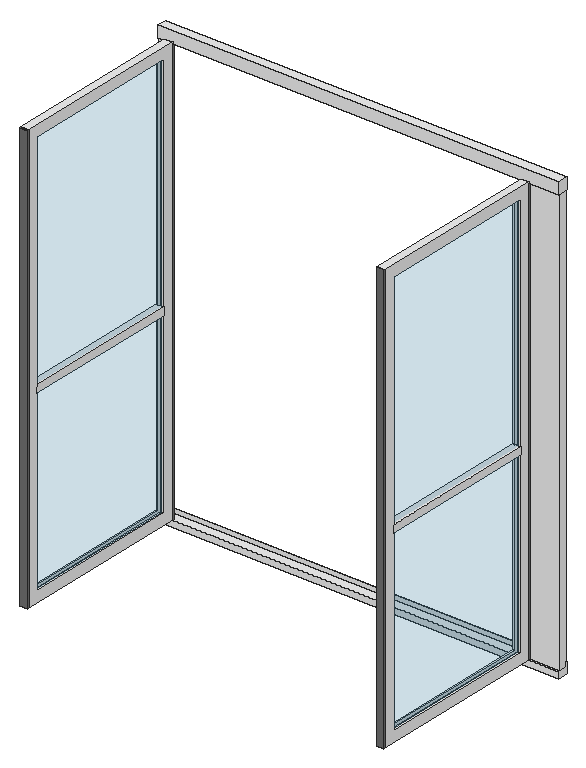
Revit family "Window-NanaWall-HSW-45", category Windows, host Wall, Revit 2013 (continued)
Definition of nested family "Header_VSW 35"
  Definition of nested family "Head_WD66"
    Lines and regions (in)
      model lines, style "0", in view "Ref. Level"
        curve 125: arc (0.3911, -3.24729, 0) -> (0.40506, -3.25307, 0) -> (0.41085, -3.26704, 0) r 0.01975
        curve 126: arc (0.29826, -3.24729, 0) -> (0.28429, -3.2415, 0) -> (0.27851, -3.22754, 0) r 0.01975
        curve 127: arc (0.40295, -2.30708, 0) -> (0.40526, -2.30149, 0) -> (0.41085, -2.29917, 0) r 0.0079
        curve 128: arc (0.36538, -2.40979, 0) -> (0.34565, -2.51613, 0) -> (0.31762, -2.62059, 0) r 1.37516
        curve 129: arc (0.26103, -2.603, 0) -> (0.21813, -2.66324, 0) -> (0.14787, -2.68632, 0) r 0.11851
        curve 130: arc (0.31237, -2.35723, 0) -> (0.29258, -2.48134, 0) -> (0.26103, -2.603, 0) r 1.3159
        curve 131: arc (0.31762, -2.62059, 0) -> (0.25327, -2.71096, 0) -> (0.14787, -2.74558, 0) r 0.17777
        curve 132: arc (0.45035, -3.18803, 0) -> (0.46432, -3.19382, 0) -> (0.47011, -3.20778, 0) r 0.01975
        curve 133: arc (0.63208, -3.07001, 0) -> (0.62033, -3.08807, 0) -> (0.59906, -3.08465, 0) r 0.01975
        curve 134: arc (0.53441, -3.04186, 0) -> (0.56836, -3.0608, 0) -> (0.59906, -3.08465, 0) r 0.25678
        curve 135: arc (0.59257, -2.40979, 0) -> (0.6205, -2.42136, 0) -> (0.63208, -2.44929, 0) r 0.0395
        curve 136: arc (0.61232, -2.29917, 0) -> (0.61791, -2.30149, 0) -> (0.62022, -2.30708, 0) r 0.0079
        curve 137: arc (0.57282, -2.25183, 0) -> (0.65413, -2.28785, 0) -> (0.6875, -2.37028, 0) r 0.11851
        curve 138: arc (0.52047, -3.10112, 0) -> (0.59628, -3.17374, 0) -> (0.62417, -3.27494, 0) r 0.19752
        curve 139: arc (0.64393, -3.39741, 0) -> (0.62996, -3.39162, 0) -> (0.62417, -3.37765, 0) r 0.01975
        curve 140: line (-0.23505, -3.33025, 0) -> (0.3911, -3.33025, 0)
        curve 141: line (-0.61639, -2.35053, 0) -> (-0.3832, -2.35053, 0)
        curve 142: line (-0.3832, -2.35053, 0) -> (-0.3832, -2.30708, 0)
        curve 143: line (-0.34563, -2.40979, 0) -> (-0.58874, -2.40979, 0)
        curve 144: line (-0.58874, -3.04186, 0) -> (-0.35357, -3.04186, 0)
        curve 145: line (-0.35357, -3.10112, 0) -> (-0.58084, -3.10112, 0)
        curve 146: line (-0.41041, -2.25177, 0) -> (-0.4306, -2.25177, 0)
        curve 147: line (-0.4306, -2.25177, 0) -> (-0.4306, -2.29917, 0)
        curve 148: line (-0.4306, -2.29917, 0) -> (-0.3911, -2.29917, 0)
        curve 149: line (-0.25481, -3.14063, 0) -> (-0.25481, -3.3105, 0)
        curve 150: line (-0.31406, -3.33815, 0) -> (-0.31406, -3.14063, 0)
        curve 151: line (0.62022, -2.30708, 0) -> (0.62022, -2.35053, 0)
        curve 152: line (0.62022, -2.35053, 0) -> (0.40295, -2.35053, 0)
        curve 153: line (0.40295, -2.35053, 0) -> (0.40295, -2.30708, 0)
        curve 154: line (0.59257, -2.40979, 0) -> (0.36538, -2.40979, 0)
        curve 155: line (0.14787, -2.68632, 0) -> (-0.12811, -2.68632, 0)
        curve 156: line (0.14787, -2.74558, 0) -> (-0.12811, -2.74558, 0)
        curve 157: line (0.41085, -3.3105, 0) -> (0.41085, -3.26704, 0)
        curve 158: line (0.27851, -3.22754, 0) -> (0.27851, -3.18803, 0)
        curve 159: line (0.27851, -3.18803, 0) -> (0.35949, -3.18803, 0)
        curve 160: line (0.35949, -3.18803, 0) -> (0.35949, -3.14063, 0)
        curve 161: line (0.3911, -3.24729, 0) -> (0.29826, -3.24729, 0)
        curve 162: line (0.41875, -3.14063, 0) -> (0.41875, -3.16828, 0)
        curve 163: line (-0.25481, -3.39741, 0) -> (-0.00198, -3.39741, 0)
        curve 164: line (-0.00198, -3.39741, 0) -> (0.00988, -3.38555, 0)
        curve 165: line (0.00988, -3.38555, 0) -> (0.02173, -3.39741, 0)
        curve 166: line (0.02173, -3.39741, 0) -> (0.41085, -3.39741, 0)
        curve 167: line (0.62417, -3.37765, 0) -> (0.62417, -3.27494, 0)
        curve 168: line (0.64393, -3.39741, 0) -> (0.6875, -3.39741, 0)
        curve 169: line (0.6875, -3.39741, 0) -> (0.6875, -2.37028, 0)
        curve 170: line (0.4385, -3.18803, 0) -> (0.45035, -3.18803, 0)
        curve 171: line (0.47011, -3.20778, 0) -> (0.47011, -3.33815, 0)
        curve 172: line (0.45825, -3.04186, 0) -> (0.53441, -3.04186, 0)
        curve 173: line (0.52047, -3.10112, 0) -> (0.45825, -3.10112, 0)
        curve 174: line (0.57282, -2.25183, 0) -> (0.57282, -2.29917, 0)
        curve 175: line (0.57282, -2.29917, 0) -> (0.61232, -2.29917, 0)
        curve 176: line (0.63208, -3.07001, 0) -> (0.63208, -2.44929, 0)
        curve 177: line (0.41085, -2.29917, 0) -> (0.45035, -2.29917, 0)
        curve 178: line (0.45035, -2.29917, 0) -> (0.45035, -2.25177, 0)
        curve 179: line (0.45035, -2.25177, 0) -> (0.43068, -2.25177, 0)
        curve 180: arc (-0.80195, -1.33328, 0) -> (-0.79038, -1.36122, 0) -> (-0.76244, -1.37279, 0) r 0.0395
        curve 181: arc (-0.68343, -0.31209, 0) -> (-0.76723, -0.3468, 0) -> (-0.80195, -0.4306, 0) r 0.11851
        curve 182: arc (-0.8138, -0.21333, 0) -> (-0.80801, -0.22729, 0) -> (-0.79404, -0.23308, 0) r 0.01975
        curve 183: arc (-0.80195, -1.74808, 0) -> (-0.79038, -1.77602, 0) -> (-0.76244, -1.78759, 0) r 0.0395
        curve 184: arc (-0.76244, -1.57031, 0) -> (-0.79038, -1.58188, 0) -> (-0.80195, -1.60982, 0) r 0.0395
        curve 185: arc (-0.88096, 0, 0) -> (-0.78893, -0.00593, 0) -> (-0.69691, 0, 0) r 0.71746
        curve 186: arc (-0.88096, -1.95548, 0) -> (-0.8612, -1.97524, 0) -> (-0.84145, -1.95548, 0) r 0.01975
        curve 187: arc (-0.80195, -1.8666, 0) -> (-0.82988, -1.87817, 0) -> (-0.84145, -1.9061, 0) r 0.0395
        curve 188: arc (0.81775, -0.4306, 0) -> (0.78304, -0.3468, 0) -> (0.69923, -0.31209, 0) r 0.11851
        curve 189: arc (-0.31209, -0.31209, 0) -> (-0.22829, -0.27738, 0) -> (-0.19357, -0.19357, 0) r 0.11851
        curve 190: arc (0.20938, -0.19357, 0) -> (0.24409, -0.27738, 0) -> (0.32789, -0.31209, 0) r 0.11851
        curve 191: arc (0.50257, -1.4202, 0) -> (0.38079, -1.37762, 0) -> (0.30419, -1.48143, 0) r 0.10864
        curve 192: arc (-0.28838, -1.48143, 0) -> (-0.36499, -1.37762, 0) -> (-0.48677, -1.4202, 0) r 0.10864
        curve 193: arc (-0.66368, -1.93573, 0) -> (-0.65211, -1.96367, 0) -> (-0.62417, -1.97524, 0) r 0.0395
        curve 194: arc (-0.66368, -1.88635, 0) -> (-0.66946, -1.87238, 0) -> (-0.68343, -1.8666, 0) r 0.01975
        curve 195: arc (-0.66847, -1.43722, 0) -> (-0.57362, -1.47141, 0) -> (-0.48677, -1.4202, 0) r 0.11851
        curve 196: arc (-0.38715, -1.97524, 0) -> (-0.31731, -1.94631, 0) -> (-0.28838, -1.87647, 0) r 0.09876
        curve 197: arc (-0.28838, -1.79746, 0) -> (-0.29417, -1.7835, 0) -> (-0.30814, -1.77771, 0) r 0.01975
        curve 198: arc (-0.30814, -1.58019, 0) -> (-0.29417, -1.5744, 0) -> (-0.28838, -1.56044, 0) r 0.01975
        curve 199: arc (0.30419, -1.87647, 0) -> (0.33311, -1.94631, 0) -> (0.40295, -1.97524, 0) r 0.09876
        curve 200: arc (0.32394, -1.77771, 0) -> (0.30997, -1.7835, 0) -> (0.30419, -1.79746, 0) r 0.01975
        curve 201: arc (0.41875, -1.97524, 0) -> (0.42713, -1.97176, 0) -> (0.4306, -1.96338, 0) r 0.01185
        curve 202: arc (0.4306, -1.93968, 0) -> (0.42713, -1.9313, 0) -> (0.41875, -1.92783, 0) r 0.01185
        curve 203: arc (0.30419, -1.56044, 0) -> (0.30997, -1.5744, 0) -> (0.32394, -1.58019, 0) r 0.01975
        curve 204: arc (0.77824, -1.37279, 0) -> (0.80618, -1.36122, 0) -> (0.81775, -1.33328, 0) r 0.0395
        curve 205: arc (0.81775, -1.60982, 0) -> (0.80618, -1.58188, 0) -> (0.77824, -1.57031, 0) r 0.0395
        curve 206: arc (0.77824, -1.78759, 0) -> (0.80618, -1.77602, 0) -> (0.81775, -1.74808, 0) r 0.0395
        curve 207: arc (0.8296, -1.9061, 0) -> (0.81803, -1.87817, 0) -> (0.79009, -1.8666, 0) r 0.0395
        curve 208: arc (0.63998, -1.97524, 0) -> (0.66791, -1.96367, 0) -> (0.67948, -1.93573, 0) r 0.0395
        curve 209: arc (0.56492, -1.92783, 0) -> (0.55654, -1.9313, 0) -> (0.55307, -1.93968, 0) r 0.01185
        curve 210: arc (0.55307, -1.96338, 0) -> (0.55654, -1.97176, 0) -> (0.56492, -1.97524, 0) r 0.01185
        curve 211: arc (0.71899, -1.8666, 0) -> (0.69105, -1.87817, 0) -> (0.67948, -1.9061, 0) r 0.0395
        curve 212: arc (0.50257, -1.4202, 0) -> (0.58942, -1.47141, 0) -> (0.68427, -1.43722, 0) r 0.11851
        curve 213: arc (-0.11456, -0.09481, 0) -> (-0.17043, -0.11795, 0) -> (-0.19357, -0.17382, 0) r 0.07901
        curve 214: arc (-0.69133, -0.05926, 0) -> (-0.68506, -0.05617, 0) -> (-0.6837, -0.04931, 0) r 0.0079
        curve 215: arc (-0.32789, -0.23308, 0) -> (-0.29996, -0.22151, 0) -> (-0.28838, -0.19357, 0) r 0.0395
        curve 216: arc (-0.38688, -0.04931, 0) -> (-0.38551, -0.05617, 0) -> (-0.37925, -0.05926, 0) r 0.0079
        curve 217: arc (0.20938, -0.17382, 0) -> (0.18623, -0.11795, 0) -> (0.13037, -0.09481, 0) r 0.07901
        curve 218: arc (0.30419, -0.19357, 0) -> (0.31576, -0.22151, 0) -> (0.34369, -0.23308, 0) r 0.0395
        curve 219: arc (0.39505, -0.05926, 0) -> (0.40132, -0.05617, 0) -> (0.40268, -0.04931, 0) r 0.0079
        curve 220: arc (0.80985, -0.23308, 0) -> (0.82381, -0.22729, 0) -> (0.8296, -0.21333, 0) r 0.01975
        curve 221: arc (0.71272, 0, 0) -> (0.80474, -0.00593, 0) -> (0.89676, 0, 0) r 0.71746
        curve 222: arc (0.6995, -0.04931, 0) -> (0.70087, -0.05617, 0) -> (0.70713, -0.05926, 0) r 0.0079
        curve 223: line (-0.8138, -0.21333, 0) -> (-0.8138, -0.05926, 0)
        curve 224: line (-0.8138, -0.05926, 0) -> (-0.69133, -0.05926, 0)
        curve 225: line (-0.68343, -1.8666, 0) -> (-0.80195, -1.8666, 0)
        curve 226: line (-0.88096, 0, 0) -> (-0.88096, -1.95548, 0)
        curve 227: line (-0.80195, -1.33328, 0) -> (-0.80195, -0.4306, 0)
        curve 228: line (-0.80195, -1.60982, 0) -> (-0.80195, -1.74808, 0)
        curve 229: line (-0.84145, -1.9061, 0) -> (-0.84145, -1.95548, 0)
        curve 230: line (0.32789, -0.31209, 0) -> (0.69923, -0.31209, 0)
        curve 231: line (0.56492, -1.92783, 0) -> (0.60047, -1.92783, 0)
        curve 232: line (0.60047, -1.92783, 0) -> (0.60047, -1.8666, 0)
        curve 233: line (0.60047, -1.8666, 0) -> (0.3832, -1.8666, 0)
        curve 234: line (0.3832, -1.8666, 0) -> (0.3832, -1.92783, 0)
        curve 235: line (0.3832, -1.92783, 0) -> (0.41875, -1.92783, 0)
        curve 236: line (-0.66368, -1.93573, 0) -> (-0.66368, -1.88635, 0)
        curve 237: line (-0.76244, -1.37279, 0) -> (-0.7329, -1.37279, 0)
        curve 238: line (-0.7329, -1.37279, 0) -> (-0.66847, -1.43722, 0)
        curve 239: line (-0.76244, -1.78759, 0) -> (-0.38715, -1.78759, 0)
        curve 240: line (-0.38715, -1.78759, 0) -> (-0.38715, -1.77771, 0)
        curve 241: line (-0.38715, -1.77771, 0) -> (-0.30814, -1.77771, 0)
        curve 242: line (-0.62417, -1.97524, 0) -> (-0.53726, -1.97524, 0)
        curve 243: line (-0.53726, -1.97524, 0) -> (-0.53726, -1.92783, 0)
        curve 244: line (-0.53726, -1.92783, 0) -> (-0.58467, -1.92783, 0)
        curve 245: line (-0.58467, -1.92783, 0) -> (-0.58467, -1.8666, 0)
        curve 246: line (-0.58467, -1.8666, 0) -> (-0.36739, -1.8666, 0)
        curve 247: line (-0.36739, -1.8666, 0) -> (-0.36739, -1.92783, 0)
        curve 248: line (-0.36739, -1.92783, 0) -> (-0.4148, -1.92783, 0)
        curve 249: line (-0.4148, -1.92783, 0) -> (-0.4148, -1.97524, 0)
        curve 250: line (-0.4148, -1.97524, 0) -> (-0.38715, -1.97524, 0)
        curve 251: line (-0.28838, -1.87647, 0) -> (-0.28838, -1.79746, 0)
        curve 252: line (-0.30814, -1.58019, 0) -> (-0.38715, -1.58019, 0)
        curve 253: line (-0.38715, -1.58019, 0) -> (-0.38715, -1.57031, 0)
        curve 254: line (-0.38715, -1.57031, 0) -> (-0.76244, -1.57031, 0)
        curve 255: line (-0.28838, -1.56044, 0) -> (-0.28838, -1.48143, 0)
        curve 256: line (-0.68343, -0.31209, 0) -> (-0.31209, -0.31209, 0)
        curve 257: line (0.77824, -1.78759, 0) -> (0.40295, -1.78759, 0)
        curve 258: line (0.40295, -1.78759, 0) -> (0.40295, -1.77771, 0)
        curve 259: line (0.40295, -1.77771, 0) -> (0.32394, -1.77771, 0)
        curve 260: line (0.30419, -1.79746, 0) -> (0.30419, -1.87647, 0)
        curve 261: line (0.40295, -1.97524, 0) -> (0.41875, -1.97524, 0)
        curve 262: line (0.4306, -1.93968, 0) -> (0.4306, -1.96338, 0)
        curve 263: line (0.32394, -1.58019, 0) -> (0.40295, -1.58019, 0)
        curve 264: line (0.40295, -1.58019, 0) -> (0.40295, -1.57031, 0)
        curve 265: line (0.40295, -1.57031, 0) -> (0.77824, -1.57031, 0)
        curve 266: line (0.30419, -1.48143, 0) -> (0.30419, -1.56044, 0)
        curve 267: line (0.81775, -0.4306, 0) -> (0.81775, -1.33328, 0)
        curve 268: line (0.81775, -1.60982, 0) -> (0.81775, -1.74808, 0)
        curve 269: line (0.56492, -1.97524, 0) -> (0.63998, -1.97524, 0)
        curve 270: line (0.55307, -1.96338, 0) -> (0.55307, -1.93968, 0)
        curve 271: line (0.67948, -1.9061, 0) -> (0.67948, -1.93573, 0)
        curve 272: line (0.79009, -1.8666, 0) -> (0.71899, -1.8666, 0)
        curve 273: line (0.77824, -1.37279, 0) -> (0.7487, -1.37279, 0)
        curve 274: line (0.7487, -1.37279, 0) -> (0.68427, -1.43722, 0)
        curve 275: line (0.8296, -1.9061, 0) -> (0.8296, -1.97524, 0)
        curve 276: line (0.8296, -1.97524, 0) -> (0.89676, -1.97524, 0)
        curve 277: line (0.89676, -1.97524, 0) -> (0.89676, 0, 0)
        curve 278: line (0.34369, -0.23308, 0) -> (0.80985, -0.23308, 0)
        curve 279: line (-0.32789, -0.23308, 0) -> (-0.79404, -0.23308, 0)
        curve 280: line (-0.6837, -0.04931, 0) -> (-0.69691, 0, 0)
        curve 281: line (-0.37925, -0.05926, 0) -> (-0.28838, -0.05926, 0)
        curve 282: line (-0.28838, -0.05926, 0) -> (-0.28838, -0.19357, 0)
        curve 283: line (-0.19357, -0.17382, 0) -> (-0.19357, -0.19357, 0)
        curve 284: line (0.40268, -0.04931, 0) -> (0.38947, 0, 0)
        curve 285: line (0.38947, 0, 0) -> (0.01975, 0, 0)
        curve 286: line (0.01975, 0, 0) -> (0.00787, -0.01188, 0)
        curve 287: line (0.00787, -0.01182, 0) -> (-0.00395, 0, 0)
        curve 288: line (-0.00395, 0, 0) -> (-0.37366, 0, 0)
        curve 289: line (-0.37366, 0, 0) -> (-0.38688, -0.04931, 0)
        curve 290: line (0.13037, -0.09481, 0) -> (0.01975, -0.09481, 0)
        curve 291: line (0.01975, -0.09481, 0) -> (0.00787, -0.08293, 0)
        curve 292: line (0.00787, -0.08299, 0) -> (-0.00395, -0.09481, 0)
        curve 293: line (-0.00395, -0.09481, 0) -> (-0.11456, -0.09481, 0)
        curve 294: line (0.39505, -0.05926, 0) -> (0.30419, -0.05926, 0)
        curve 295: line (0.30419, -0.05926, 0) -> (0.30419, -0.19357, 0)
        curve 296: line (0.20938, -0.19357, 0) -> (0.20938, -0.17382, 0)
        curve 297: line (0.8296, -0.21333, 0) -> (0.8296, -0.05926, 0)
        curve 298: line (0.8296, -0.05926, 0) -> (0.70713, -0.05926, 0)
        curve 299: line (0.6995, -0.04931, 0) -> (0.71272, 0, 0)
      detail lines, style "0", in view "Ref. Level"
        curve 300: arc (-0.60059, -3.3579, 0) -> (-0.61456, -3.35212, 0) -> (-0.62034, -3.33815, 0) r 0.01975
        curve 301: arc (-0.6875, -2.37028, 0) -> (-0.65279, -2.28648, 0) -> (-0.56899, -2.25177, 0) r 0.11851
        curve 302: arc (-0.62034, -3.14063, 0) -> (-0.60877, -3.11269, 0) -> (-0.58084, -3.10112, 0) r 0.0395
        curve 303: arc (-0.58874, -3.04186, 0) -> (-0.61667, -3.03029, 0) -> (-0.62824, -3.00236, 0) r 0.0395
        curve 304: arc (-0.61639, -2.30708, 0) -> (-0.61408, -2.30149, 0) -> (-0.60849, -2.29917, 0) r 0.0079
        curve 305: arc (-0.62824, -2.44929, 0) -> (-0.61667, -2.42136, 0) -> (-0.58874, -2.40979, 0) r 0.0395
        curve 306: arc (-0.62034, -3.41716, 0) -> (-0.61456, -3.40319, 0) -> (-0.60059, -3.39741, 0) r 0.01975
        curve 307: arc (-0.52751, -3.3579, 0) -> (-0.50775, -3.37765, 0) -> (-0.52751, -3.39741, 0) r 0.01975
        curve 308: line (-0.56899, -2.25177, 0) -> (-0.56899, -2.29917, 0)
        curve 309: line (-0.56899, -2.29917, 0) -> (-0.60849, -2.29917, 0)
        curve 310: line (-0.61639, -2.30708, 0) -> (-0.61639, -2.35053, 0)
        curve 311: line (-0.62824, -2.44929, 0) -> (-0.62824, -3.00236, 0)
        curve 312: line (-0.62034, -3.14063, 0) -> (-0.62034, -3.33815, 0)
        curve 313: line (-0.60059, -3.39741, 0) -> (-0.52751, -3.39741, 0)
        curve 314: line (-0.60059, -3.3579, 0) -> (-0.52751, -3.3579, 0)
        curve 315: line (-0.6875, -2.37028, 0) -> (-0.6875, -4.20703, 0)
        curve 316: line (-0.62034, -3.72112, 0) -> (-0.62034, -3.41716, 0)
        curve 317: line (0.52541, -4.10827, 0) -> (0.49381, -4.10827, 0)
        curve 318: line (0.49381, -4.10827, 0) -> (0.49381, -4.20703, 0)
        curve 319: line (0.49381, -4.20703, 0) -> (0.6875, -4.20703, 0)
        curve 320: line (0.6875, -4.20703, 0) -> (0.49381, -4.20703, 0)
        curve 321: line (0.49381, -4.20703, 0) -> (0.49381, -4.10827, 0)
        curve 322: line (0.49381, -4.10827, 0) -> (0.49381, -4.20703, 0)
        curve 323: line (0.49381, -4.20703, 0) -> (0.57282, -4.20703, 0)
        curve 324: line (0.57282, -4.20703, 0) -> (0.49381, -4.20703, 0)
        curve 325: line (0.49381, -4.20703, 0) -> (0.49381, -4.10827, 0)
        curve 326: line (0.49381, -4.10827, 0) -> (0.53331, -4.10827, 0)
        curve 327: line (0.53331, -4.10827, 0) -> (0.49381, -4.10827, 0)
        curve 328: line (0.49381, -4.10827, 0) -> (0.52541, -4.10827, 0)
        curve 329: line (0.62417, -4.15172, 0) -> (0.53331, -4.15172, 0)
        curve 330: line (0.53331, -4.15172, 0) -> (0.53331, -4.10827, 0)
        curve 331: line (0.53331, -4.10827, 0) -> (0.53331, -4.15172, 0)
        curve 332: line (0.53331, -4.15172, 0) -> (0.62417, -4.15172, 0)
        curve 333: line (0.62417, -4.15172, 0) -> (0.62417, -3.79223, 0)
        curve 334: arc (-0.60059, -3.74088, 0) -> (-0.61456, -3.73509, 0) -> (-0.62034, -3.72112, 0) r 0.01975
        curve 335: line (-0.6875, -4.20703, 0) -> (-0.50973, -4.20703, 0)
        curve 336: line (-0.50973, -4.20703, 0) -> (-0.50973, -4.10827, 0)
        curve 337: line (-0.50973, -4.10827, 0) -> (-0.55713, -4.10827, 0)
        curve 338: line (-0.55713, -4.10827, 0) -> (-0.55713, -4.14777, 0)
        curve 339: line (-0.55713, -4.14777, 0) -> (-0.62824, -4.14777, 0)
        curve 340: line (-0.62824, -4.14777, 0) -> (-0.62824, -3.78828, 0)
        curve 341: line (-0.62824, -3.78828, 0) -> (-0.55713, -3.78828, 0)
        curve 342: line (-0.55713, -3.78828, 0) -> (-0.55713, -3.82779, 0)
        curve 343: line (-0.55713, -3.82779, 0) -> (-0.50973, -3.82779, 0)
        curve 344: line (-0.50973, -3.82779, 0) -> (-0.50973, -3.74088, 0)
        curve 345: line (-0.50973, -3.74088, 0) -> (-0.60059, -3.74088, 0)
Definition of nested family "Sash_VSW 35"
  Parameters (values of type "Sash_VSW 35")
    Width = 2' - 8.73633"
    Sash = none
    Horizontal Mullion Height = 3' - 0"
    Horizontal Mullion = if((Height - 0' 2 5/64" - 0' 2 99/128") > 8' 0", 1 = 1, 1 = 0)  # no
    Height = 6' - 6 3/128"
    Glass = none
    Filler = none
    Assembly Code = ""
  Types (2): name | Width
    Sash_VSW 35 | 2' - 8.73633"
    Sash_VSW 35 Full | 5' - 5 121/256"
  Reference planes (in)
    plane 1 "Center (Front/Back)": y = -7.70117
    plane 2: z = 0
    plane 3 "Center (Left/Right)": x = 0.01235
    plane 4 "Interior": y = -6.40234
    plane 5 "Exterior": y = -9
    plane 6 "Left": x = -16.35582
    plane 7 "Right": x = 16.38051
    plane 8 "Left Interior Edge of Sash": x = -12.6605
    plane 9 "Interior Edge of Glass": y = -7.26849
    plane 10 "Exterior Edge of Glass": y = -8.21337
    plane 11 "Left Edge": x = -13.48863
    plane 12 "Right Interior Edge of Sash": x = 12.6852
    plane 13 "Right Edge": x = 13.51332
    plane 14 "Left Interior Edge of Filler": x = -15.84401
    plane 15 "Top": z = 78.02344
    plane 16 "Top Interior Edge of Filler": z = 77.51172
    plane 17 "Bottom Interior Edge of Filler": z = 0.51172
    plane 18 "Right Interior Edge of Filler": x = 15.86879
    plane 19 "Top Edge of Glass": z = 75.15625
    plane 20 "Bottom Edge of Glass": z = 2.86719
    plane 21 "Left Edge of Glass": x = -13.30113
    plane 22 "Right Edge of Glass": x = 13.32582
    plane 23: y = -8.38867
    plane 24: y = -7.01367
    plane 25: x = 14.28648
    plane 26: x = -14.26169
  Forms (in)
    Sweep 1, solid, material <- "Filler"
      path origin (0, -7.70117, 0) x (1, 0, 0) y (0, 0, 1)
        loop
          line (-15.84401, 77.88253) -> (-15.84401, 0.83622)
      profile origin (-15.84401, -7.70117, 39.35938) x (0, -1, 0) y (1, 0, 0)
        loop
          line (0.6875, -0.35518) -> (-0.6875, -0.35518) -> (-0.6875, -0.51181) -> (0.6875, -0.51181) -> (0.6875, -0.35518)
        loop
          line (0.6875, 32.06798) -> (0.6875, 32.22452) -> (-0.6875, 32.22452) -> (-0.6875, 32.06798) -> (0.6875, 32.06798)
    Sweep 2, solid, material <- "Sash"
      path origin (0, -7.70117, 0) x (1, 0, 0) y (0, 0, 1)
        loop
          line (-15.84401, 77.52734) -> (-15.84401, 1.19141) -> (15.86879, 1.19141) -> (15.86879, 77.52734) -> (-15.84401, 77.52734)
      profile origin (-15.84401, -7.70117, 39.35938) x (0, -1, 0) y (1, 0, 0)
        loop
          line (-0.6875, -0.35518) -> (0.6875, -0.35518) -> (0.6875, 1.58232) -> (0.35473, 1.58232) -> (0.35473, 1.18068) -> (-0.35473, 1.18068) -> (-0.35473, 1.58232) -> (-0.6875, 1.58232) -> (-0.6875, -0.35518)
    Extrusion 3, solid, material <- "Glass"
      sketch origin (0, 0, 0) x (1, 0, 0) y (0, 1, 0)
        loop
          line (-14.66333, -7.34644) -> (-14.66333, -8.0559) -> (14.68811, -8.0559) -> (14.68811, -7.34644) -> (-14.66333, -7.34644)
      from 2.37208 to 76.34667
    Extrusion 4, solid, material <- "Sash"
      sketch origin (0.01235, 0, 0) x (0, 1, 0) y (0, 0, 1)
        loop
          line (-7.01367, 36) -> (-8.38867, 36) -> (-8.38867, 34.625) -> (-7.01367, 34.625) -> (-7.01367, 36)
      from -14.27404 to 14.27413
  Lines and regions (in)
    Masking region 1
      outline origin (0, 0, 0) x (1, 0, 0) y (0, 1, 0)
        loop
          line (-14.26169, -7.01367) -> (-16.35582, -7.01367) -> (-16.35582, -8.38867) -> (-14.26169, -8.38867) -> (-14.26169, -8.0559) -> (-14.66333, -8.0559) -> (-14.66333, -7.34644) -> (-14.26169, -7.34644) -> (-14.26169, -7.01367)
        loop
          line (14.28648, -7.01367) -> (14.28648, -7.34644) -> (14.68811, -7.34644) -> (14.68811, -8.0559) -> (14.28648, -8.0559) -> (14.28648, -8.38867) -> (16.38051, -8.38867) -> (16.38051, -7.01367) -> (14.28648, -7.01367)
    Masking region 2, detail levels medium+fine
      outline origin (0, 0, 0) x (1, 0, 0) y (0, 1, 0)
        loop
          line (-16.19919, -7.01367) -> (-16.35582, -7.01367) -> (-16.35582, -8.38867) -> (-16.19919, -8.38867) -> (-16.19919, -7.01367)
        loop
          line (16.22398, -8.38867) -> (16.38051, -8.38867) -> (16.38051, -7.01367) -> (16.22398, -7.01367) -> (16.22398, -8.38867)
    Masking region 3
      outline origin (0, 0, 0) x (1, 0, 0) y (0, 1, 0)
        loop
          line (-14.26169, -7.34644) -> (14.28648, -7.34644) -> (14.28648, -7.01367) -> (-14.26169, -7.01367) -> (-14.26169, -7.34644)
        loop
          line (14.28648, -8.0559) -> (-14.26169, -8.0559) -> (-14.26169, -8.38867) -> (14.28648, -8.38867) -> (14.28648, -8.0559)
    Masking region 4
      outline origin (0, 0, 0) x (1, 0, 0) y (0, 1, 0)
        loop
          line (-14.66333, -7.34644) -> (-14.66333, -8.0559) -> (14.68811, -8.0559) -> (14.68811, -7.34644) -> (-14.66333, -7.34644)
  Text (in)
    text "INTERIOR" at (-58.41771, 10.1947, 0), in view "Ref. Level"
    text "EXTERIOR" at (-58.41771, -20.04114, 0), in view "Ref. Level"
  Dimensions and locks (in)
    equal spacing: plane 4 "Interior", plane 1 "Center (Front/Back)", plane 5 "Exterior"
    equal spacing: plane 6 "Left", plane 3 "Center (Left/Right)", plane 7 "Right"
    locked: plane 4 "Interior" to plane 5 "Exterior" at 2.59766
    locked: plane 4 "Interior" to plane 9 "Interior Edge of Glass" at 0.86614
    locked: plane 10 "Exterior Edge of Glass" to plane 5 "Exterior" at 0.78663
    locked: plane 11 "Left Edge" to plane 8 "Left Interior Edge of Sash" at 0.82812
    locked: plane 12 "Right Interior Edge of Sash" to plane 13 "Right Edge" at 0.82812
    locked: plane 6 "Left" to plane 14 "Left Interior Edge of Filler" at 0.51181
    "Height": plane 15 "Top" to level
    "Width": plane 6 "Left" to plane 7 "Right"
    locked: plane 18 "Right Interior Edge of Filler" to plane 7 "Right" at 0.51172
    locked: plane 15 "Top" to plane 16 "Top Interior Edge of Filler" at 0.51172
    locked: plane 17 "Bottom Interior Edge of Filler" to level at 0.51172
    locked: plane 13 "Right Edge" to plane 7 "Right" at 2.86719
    locked: plane 6 "Left" to plane 11 "Left Edge" at 2.86719
    locked: plane 20 "Bottom Edge of Glass" to level at 2.86719
    locked: plane 15 "Top" to plane 19 "Top Edge of Glass" at 2.86719
    locked: plane 11 "Left Edge" to plane 21 "Left Edge of Glass" at 0.1875
    locked: plane 22 "Right Edge of Glass" to plane 13 "Right Edge" at 0.1875
    locked: plane 6 "Left" to Sweep 1 sketch curve at 0.15663
    Sweep 1 to Sweep 2 sketch curve = 0' - 1 15/16"
    locked: Sweep 2 sketch curve to level at 1.19141
    locked: Sweep 1 sketch curve to level at 0.83622
    locked: Sweep 2 sketch curve to plane 16 "Top Interior Edge of Filler" at 0.01563
    locked: plane 15 "Top" to Sweep 1 sketch curve at 0.14091
    Sweep 2 to plane 15 "Top" = 0' - 2.07841"
    level to Sweep 2 = 0' - 2.77372"
    locked: Extrusion 4 sketch curve to Extrusion 4 sketch curve at 1.375
    "Horizontal Mullion Height": level to Extrusion 4 sketch curve
    locked: plane 7 "Right" to plane 25 at 2.09403
    locked: plane 26 to plane 6 "Left" at 2.09413
    aligned and locked: Sweep 1 sketch curve to plane 14 "Left Interior Edge of Filler"
    aligned and locked: Sweep 2 sketch curve to plane 14 "Left Interior Edge of Filler"
    aligned and locked: plane 18 "Right Interior Edge of Filler" to Sweep 2 sketch curve
    aligned and locked: Sweep 1 sketch curve to plane 6 "Left"
    aligned and locked: Sweep 1 sketch curve to plane 7 "Right"
    aligned and locked: Extrusion 3 sketch curve to Sweep 2  (x4)
    aligned and locked: Extrusion 3 to Sweep 2  (x2)
    aligned and locked: Sweep 2 to Masking region 1 sketch curve  (x2)
    aligned and locked: Masking region 1 sketch curve to Sweep 1
    aligned and locked: Masking region 1 sketch curve to Sweep 2  (x6)
    aligned and locked: Extrusion 3 to Masking region 1 sketch curve
    aligned and locked: Masking region 1 sketch curve to Extrusion 3  (x4)
    aligned and locked: Masking region 1 sketch curve to plane 7 "Right"
    aligned and locked: Masking region 2 sketch curve to Sweep 2  (x2)
    aligned and locked: Masking region 2 sketch curve to Sweep 1  (x6)
    aligned and locked: Masking region 3 sketch curve to Sweep 2  (x4)
    aligned and locked: Extrusion 3 to Masking region 3 sketch curve  (x2)
    aligned and locked: Sweep 2 to Masking region 3 sketch curve  (x2)
    aligned and locked: Masking region 4 sketch curve to Extrusion 3  (x4)
    aligned and locked: Extrusion 4 sketch curve to plane 24
    aligned and locked: plane 23 to Extrusion 4 sketch curve
    aligned and locked: plane 25 to Extrusion 4
    aligned and locked: Extrusion 4 to plane 26
  Automatic sketch dimensions
    Sweep 1 sketch curve to plane 1 "Center (Front/Back)" = 0' - 0 11/16"  (x2)
    plane 1 "Center (Front/Back)" to Sweep 1 sketch curve = 0' - 0 11/16"  (x2)
    Sweep 1 sketch curve to Sweep 1 sketch curve = 0' - 0.15653"
    Sweep 2 sketch curve to plane 1 "Center (Front/Back)" = 0' - 0 11/16"
    Sweep 2 sketch curve to Sweep 2 sketch curve = 0' - 0.33277"  (x2)
    plane 1 "Center (Front/Back)" to Sweep 2 sketch curve = 0' - 0.35473"
    Sweep 2 sketch curve to Sweep 2 sketch curve = 0' - 0.40164"  (x2)
    profile plane to Sweep 2 sketch curve = 0' - 0.35518"
    plane 10 "Exterior Edge of Glass" to Masking region 1 sketch curve = 0' - 0.15747"
Definition of nested family "Left-Jamb_VSW 35"
  Parameters (values of type "Left-Jamb_VSW 35")
    Jamb = Metal - NanaWall - Aluminum
    Height = 6' - 5 73/256"
    Assembly Code = ""
  Reference planes (in)
    plane 1 "Center (Front/Back)": y = 0
    plane 2: z = 0
    plane 3 "Center (Left/Right)": x = 0
    plane 4: z = 77.28516
    plane 5: z = 0.97656
  Forms (in)
    Extrusion 1, solid, material "Metal - NanaWall - Aluminum" <- "Jamb"
      sketch origin (0, 0, 0) x (1, 0, 0) y (0, 1, 0)
        loop
          line (2.09413, 0.6875) -> (2.09413, -0.6875) -> (3.26883, -0.6875) -> (3.26883, 0.6875) -> (2.09413, 0.6875)
      from 0.97656 to 77.28516
  Lines and regions (in)
    Masking region 1
      outline origin (0, 0, 0) x (1, 0, 0) y (0, 1, 0)
        loop
          line (2.09413, 0.6875) -> (2.09413, -0.6875) -> (3.26883, -0.6875) -> (3.26883, 0.6875) -> (2.09413, 0.6875)
  Dimensions and locks (in)
    "Height": plane 4 to level
    locked: plane 5 to level at 0.97656
    aligned and locked: level to plane 2
    aligned and locked: plane 4 to Extrusion 1
    aligned and locked: Extrusion 1 to plane 5
    aligned and locked: Masking region 1 sketch curve to Extrusion 1  (x4)
  Automatic sketch dimensions
    plane 1 "Center (Front/Back)" to Extrusion 1 sketch curve = 0' - 0 11/16"
    plane 3 "Center (Left/Right)" to Extrusion 1 sketch curve = 0' - 2.09413"
    Extrusion 1 sketch curve to Extrusion 1 sketch curve = 0' - 1.1747"
    Extrusion 1 sketch curve to plane 1 "Center (Front/Back)" = 0' - 0 11/16"
  Nested families (in)
    nested 1: "Right-Jamb_Detail" at (-0.05714, 0, 0), type "Right-Jamb_Detail", detail levels fine
  Definition of nested family "Right-Jamb_Detail"
    Parameters (values of type "Right-Jamb_Detail")
      SmartBIM Object Version = 1  # constant formula
      SmartBIM Object Created By = "Reed Construction Data"  # constant formula
      Half Piece = yes
      Assembly Code = ""
      95 CSI = ""
      04 CSI = ""
    Reference planes (in)
      plane 1 "Center (Front/Back)": y = 0
      plane 2: z = 0
      plane 3 "Center (Left/Right)": x = 0
    Lines and regions (in)
      detail lines, style "0", in view "Ref. Level"
        curve 1: arc (2.22167, 0.50934, 0) -> (2.22105, 0.52089, 0) -> (2.21832, 0.53214, 0) r 0.06259
        curve 2: arc (2.15447, 0.53214, 0) -> (2.15174, 0.52089, 0) -> (2.15112, 0.50934, 0) r 0.06259
        curve 3: arc (1.93721, 0.54707, 0) -> (1.90859, 0.50657, 0) -> (1.94263, 0.4705, 0) r 0.03916
        curve 4: arc (2.11774, 0.4212, 0) -> (2.13911, 0.41682, 0) -> (2.15126, 0.43494, 0) r 0.01958
        curve 5: arc (2.11774, 0.4212, 0) -> (2.03332, 0.45697, 0) -> (1.94263, 0.4705, 0) r 0.36394
        curve 6: arc (2.22853, 0.42364, 0) -> (2.24169, 0.4501, 0) -> (2.24916, 0.47869, 0) r 0.14348
        curve 7: arc (2.22192, 0.42, 0) -> (2.22569, 0.42097, 0) -> (2.22853, 0.42364, 0) r 0.00783
        curve 8: arc (2.19825, 0.42783, 0) -> (2.20055, 0.42229, 0) -> (2.20608, 0.42, 0) r 0.00783
        curve 9: arc (2.15112, 0.50934, 0) -> (2.15174, 0.49778, 0) -> (2.15447, 0.48653, 0) r 0.06259
        curve 10: arc (2.15447, 0.48653, 0) -> (2.15732, 0.4827, 0) -> (2.16187, 0.48124, 0) r 0.00783
        curve 11: arc (2.21091, 0.48124, 0) -> (2.21546, 0.4827, 0) -> (2.21832, 0.48653, 0) r 0.00783
        curve 12: arc (2.21832, 0.48653, 0) -> (2.22105, 0.49778, 0) -> (2.22167, 0.50934, 0) r 0.06259
        curve 13: arc (2.03379, 0.65803, 0) -> (2.00611, 0.64656, 0) -> (1.99464, 0.61887, 0) r 0.03916
        curve 14: arc (1.93721, 0.54707, 0) -> (1.95744, 0.5559, 0) -> (1.97441, 0.57003, 0) r 0.07831
        curve 15: arc (2.24916, 0.53998, 0) -> (2.24169, 0.56858, 0) -> (2.22853, 0.59503, 0) r 0.14348
        curve 16: arc (2.22853, 0.59503, 0) -> (2.22569, 0.5977, 0) -> (2.22192, 0.59867, 0) r 0.00783
        curve 17: arc (2.20608, 0.59867, 0) -> (2.20055, 0.59638, 0) -> (2.19825, 0.59084, 0) r 0.00783
        curve 18: arc (2.1739, 0.63935, 0) -> (2.15707, 0.60649, 0) -> (2.15126, 0.57003, 0) r 0.11747
        curve 19: arc (2.16187, 0.53743, 0) -> (2.15732, 0.53597, 0) -> (2.15447, 0.53214, 0) r 0.00783
        curve 20: arc (2.21832, 0.53214, 0) -> (2.21546, 0.53597, 0) -> (2.21091, 0.53743, 0) r 0.00783
        curve 21: arc (2.1739, 0.63935, 0) -> (2.17489, 0.6516, 0) -> (2.16442, 0.65803, 0) r 0.01175
        curve 22: arc (2.21832, -0.53214, 0) -> (2.22105, -0.5209, 0) -> (2.22167, -0.50934, 0) r 0.06259
        curve 23: arc (2.15112, -0.50934, 0) -> (2.15174, -0.5209, 0) -> (2.15447, -0.53214, 0) r 0.06259
        curve 24: arc (1.94263, -0.4705, 0) -> (1.90859, -0.50657, 0) -> (1.93721, -0.54708, 0) r 0.03916
        curve 25: arc (2.15126, -0.43494, 0) -> (2.13911, -0.41682, 0) -> (2.11774, -0.4212, 0) r 0.01958
        curve 26: arc (1.94263, -0.4705, 0) -> (2.03332, -0.45697, 0) -> (2.11774, -0.4212, 0) r 0.36394
        curve 27: arc (2.24916, -0.47869, 0) -> (2.24169, -0.4501, 0) -> (2.22853, -0.42364, 0) r 0.14348
        curve 28: arc (2.22853, -0.42364, 0) -> (2.22569, -0.42097, 0) -> (2.22192, -0.42, 0) r 0.00783
        curve 29: arc (2.20608, -0.42, 0) -> (2.20055, -0.42229, 0) -> (2.19825, -0.42783, 0) r 0.00783
        curve 30: arc (2.15447, -0.48653, 0) -> (2.15174, -0.49778, 0) -> (2.15112, -0.50934, 0) r 0.06259
        curve 31: arc (2.16187, -0.48125, 0) -> (2.15732, -0.4827, 0) -> (2.15447, -0.48653, 0) r 0.00783
        curve 32: arc (2.21832, -0.48653, 0) -> (2.21546, -0.4827, 0) -> (2.21091, -0.48125, 0) r 0.00783
        curve 33: arc (2.22167, -0.50934, 0) -> (2.22105, -0.49778, 0) -> (2.21832, -0.48653, 0) r 0.06259
        curve 34: arc (1.99464, -0.61888, 0) -> (2.00611, -0.64656, 0) -> (2.03379, -0.65803, 0) r 0.03916
        curve 35: arc (1.97441, -0.57003, 0) -> (1.95744, -0.5559, 0) -> (1.93721, -0.54708, 0) r 0.07831
        curve 36: arc (2.22853, -0.59504, 0) -> (2.24169, -0.56858, 0) -> (2.24916, -0.53998, 0) r 0.14348
        curve 37: arc (2.22192, -0.59868, 0) -> (2.22569, -0.59771, 0) -> (2.22853, -0.59504, 0) r 0.00783
        curve 38: arc (2.19825, -0.59085, 0) -> (2.20055, -0.59638, 0) -> (2.20608, -0.59868, 0) r 0.00783
        curve 39: arc (2.15126, -0.57003, 0) -> (2.15707, -0.60649, 0) -> (2.1739, -0.63935, 0) r 0.11747
        curve 40: arc (2.15447, -0.53214, 0) -> (2.15732, -0.53597, 0) -> (2.16187, -0.53743, 0) r 0.00783
        curve 41: arc (2.21091, -0.53743, 0) -> (2.21546, -0.53597, 0) -> (2.21832, -0.53214, 0) r 0.00783
        curve 42: arc (2.16442, -0.65803, 0) -> (2.17489, -0.6516, 0) -> (2.1739, -0.63935, 0) r 0.01175
        curve 43: arc (0.19044, 0.3832, 0) -> (0.19867, 0.41791, 0) -> (0.20025, 0.45354, 0) r 0.18952
        curve 44: arc (0.04323, 0.50474, 0) -> (0.01052, 0.45781, 0) -> (-0.00892, 0.40401, 0) r 0.21888
        curve 45: arc (0.21981, 0.4741, 0) -> (0.20562, 0.46801, 0) -> (0.20025, 0.45354, 0) r 0.01958
        curve 46: arc (0.20639, 0.60015, 0) -> (0.23438, 0.5756, 0) -> (0.27054, 0.56675, 0) r 0.07831
        curve 47: arc (0.43304, 0.4741, 0) -> (0.45498, 0.48209, 0) -> (0.46437, 0.50346, 0) r 0.02971
        curve 48: arc (0.3097, 0.56675, 0) -> (0.34586, 0.5756, 0) -> (0.37385, 0.60015, 0) r 0.07831
        curve 49: arc (0.41038, 0.61227, 0) -> (0.39483, 0.61792, 0) -> (0.3805, 0.60965, 0) r 0.01958
        curve 50: arc (0.19974, 0.60965, 0) -> (0.18541, 0.61792, 0) -> (0.16986, 0.61227, 0) r 0.01958
        curve 51: arc (0.05714, 0.51128, 0) -> (0.04951, 0.50943, 0) -> (0.04323, 0.50474, 0) r 0.01958
        curve 52: arc (-0.00892, 0.40401, 0) -> (-0.00109, 0.37117, 0) -> (0.02937, 0.35663, 0) r 0.03916
        curve 53: arc (0.15336, 0.35663, 0) -> (0.17617, 0.36395, 0) -> (0.19044, 0.3832, 0) r 0.03916
        curve 54: arc (0.47893, -0.44486, 0) -> (0.49605, -0.4162, 0) -> (0.46722, -0.39936, 0) r 0.02349
        curve 55: arc (0.26791, -0.39291, 0) -> (0.29286, -0.42834, 0) -> (0.33574, -0.43458, 0) r 0.05482
        curve 56: arc (0.26791, -0.39291, 0) -> (0.24492, -0.37425, 0) -> (0.22193, -0.39291, 0) r 0.02349
        curve 57: arc (0.06917, -0.42416, 0) -> (0.15581, -0.45867, 0) -> (0.22193, -0.39291, 0) r 0.08497
        curve 58: arc (0.04475, -0.38928, 0) -> (0.00239, -0.37693, 0) -> (-0.01883, -0.41561, 0) r 0.03524
        curve 59: line (2.19825, 0.59084, 0) -> (2.19825, 0.57003, 0)
        curve 60: line (2.19825, 0.57003, 0) -> (2.15126, 0.57003, 0)
        curve 61: line (2.24916, 0.47869, 0) -> (2.24916, 0.53998, 0)
        curve 62: line (2.24916, 0.53998, 0) -> (2.24916, 0.47869, 0)
        curve 63: line (2.19825, 0.42783, 0) -> (2.19825, 0.44864, 0)
        curve 64: line (2.19825, 0.44864, 0) -> (2.15126, 0.44864, 0)
        curve 65: line (2.15126, 0.44864, 0) -> (2.15126, 0.43494, 0)
        curve 66: line (2.20608, 0.42, 0) -> (2.22192, 0.42, 0)
        curve 67: line (2.21091, 0.48124, 0) -> (2.16187, 0.48124, 0)
        curve 68: line (2.16442, 0.65803, 0) -> (2.03379, 0.65803, 0)
        curve 69: line (1.97441, 0.57003, 0) -> (1.99464, 0.57003, 0)
        curve 70: line (1.99464, 0.57003, 0) -> (1.99464, 0.61887, 0)
        curve 71: line (2.21091, 0.53743, 0) -> (2.16187, 0.53743, 0)
        curve 72: line (2.20608, 0.59867, 0) -> (2.22192, 0.59867, 0)
        curve 73: line (2.19825, -0.59085, 0) -> (2.19825, -0.57003, 0)
        curve 74: line (2.19825, -0.57003, 0) -> (2.15126, -0.57003, 0)
        curve 75: line (2.24916, -0.47869, 0) -> (2.24916, -0.53998, 0)
        curve 76: line (2.24916, -0.53998, 0) -> (2.24916, -0.47869, 0)
        curve 77: line (2.19825, -0.42783, 0) -> (2.19825, -0.44865, 0)
        curve 78: line (2.19825, -0.44865, 0) -> (2.15126, -0.44865, 0)
        curve 79: line (2.15126, -0.44865, 0) -> (2.15126, -0.43494, 0)
        curve 80: line (2.20608, -0.42, 0) -> (2.22192, -0.42, 0)
        curve 81: line (2.21091, -0.48125, 0) -> (2.16187, -0.48125, 0)
        curve 82: line (2.16442, -0.65803, 0) -> (2.03379, -0.65803, 0)
        curve 83: line (1.97441, -0.57003, 0) -> (1.99464, -0.57003, 0)
        curve 84: line (1.99464, -0.57003, 0) -> (1.99464, -0.61888, 0)
        curve 85: line (2.21091, -0.53743, 0) -> (2.16187, -0.53743, 0)
        curve 86: line (2.20608, -0.59868, 0) -> (2.22192, -0.59868, 0)
        curve 87: line (0.41038, 0.61227, 0) -> (0.46437, 0.55828, 0)
        curve 88: line (0.46437, 0.55828, 0) -> (0.43304, 0.55828, 0)
        curve 89: line (0.43304, 0.55828, 0) -> (0.43304, 0.51129, 0)
        curve 90: line (0.43304, 0.51129, 0) -> (0.46437, 0.51129, 0)
        curve 91: line (0.46437, 0.51129, 0) -> (0.46437, 0.50346, 0)
        curve 92: line (0.37385, 0.60015, 0) -> (0.3805, 0.60965, 0)
        curve 93: line (0.27054, 0.56675, 0) -> (0.3097, 0.56675, 0)
        curve 94: line (0.43304, 0.4741, 0) -> (0.21981, 0.4741, 0)
        curve 95: line (0.05714, 0.51129, 0) -> (0.15503, 0.51129, 0)
        curve 96: line (0.15503, 0.51129, 0) -> (0.15503, 0.55828, 0)
        curve 97: line (0.15503, 0.55828, 0) -> (0.11587, 0.55828, 0)
        curve 98: line (0.11587, 0.55828, 0) -> (0.16986, 0.61227, 0)
        curve 99: line (0.19974, 0.60965, 0) -> (0.20639, 0.60015, 0)
        curve 100: line (0.02937, 0.35663, 0) -> (0.15336, 0.35663, 0)
        curve 101: line (-0.01883, -0.41561, 0) -> (0.00288, -0.53871, 0)
        curve 102: line (0.00288, -0.53871, 0) -> (0.05714, -0.57003, 0)
        curve 103: line (0.05714, -0.57003, 0) -> (0.05714, -0.49172, 0)
        curve 104: line (0.05714, -0.49172, 0) -> (0.15503, -0.49172, 0)
        curve 105: line (0.15503, -0.49172, 0) -> (0.15503, -0.53087, 0)
        curve 106: line (0.15503, -0.53087, 0) -> (0.11196, -0.53087, 0)
        curve 107: line (0.11196, -0.53087, 0) -> (0.11196, -0.62093, 0)
        curve 108: line (0.11196, -0.62093, 0) -> (0.46828, -0.62093, 0)
        curve 109: line (0.87867, -0.62093, 0) -> (0.11196, -0.62093, 0)
        curve 110: line (0.11196, -0.62093, 0) -> (0.11196, -0.53087, 0)
        curve 111: line (0.11196, -0.53087, 0) -> (0.15503, -0.53087, 0)
        curve 112: line (0.15503, -0.53087, 0) -> (0.15503, -0.49172, 0)
        curve 113: line (0.15503, -0.49172, 0) -> (0.15503, -0.52304, 0)
        curve 114: line (0.15503, -0.52304, 0) -> (0.15503, -0.49172, 0)
        curve 115: line (0.15503, -0.49172, 0) -> (0.05714, -0.49172, 0)
        curve 116: line (0.05714, -0.49172, 0) -> (0.15503, -0.49172, 0)
        curve 117: line (0.15503, -0.49172, 0) -> (0.05714, -0.49172, 0)
        curve 118: line (0.05714, -0.49172, 0) -> (0.05714, -0.6875, 0)
        curve 119: line (0.05714, -0.6875, 0) -> (0.85909, -0.6875, 0)
        curve 120: line (0.85909, -0.6875, 0) -> (0.05714, -0.6875, 0)
        curve 121: line (0.05714, -0.6875, 0) -> (0.85909, -0.6875, 0)
        curve 122: line (0.85909, -0.6875, 0) -> (0.05714, -0.6875, 0)
        curve 123: line (0.05714, -0.6875, 0) -> (0.05714, -0.49172, 0)
        curve 124: line (0.05714, -0.49172, 0) -> (0.05714, -0.57003, 0)
        curve 125: line (0.46722, -0.39936, 0) -> (0.33574, -0.43458, 0)
        curve 126: line (0.15503, -0.52304, 0) -> (0.47893, -0.44486, 0)
        curve 127: line (0.06917, -0.42416, 0) -> (0.04475, -0.38928, 0)
        curve 128: line (0.66331, 0.60889, 0) -> (0.85909, -0.40919, 0)
        curve 129: line (0.85909, -0.40919, 0) -> (0.85909, 0.60889, 0)
        curve 130: line (0.85909, 0.62093, 0) -> (0.66331, 0.62093, 0)
        curve 131: line (0.66331, 0.60889, 0) -> (0.66331, -0.40919, 0)
        curve 132: line (0.66331, -0.40919, 0) -> (0.85909, 0.60889, 0)
        curve 133: line (0.85909, 0.62093, 0) -> (0.70247, 0.62093, 0)
        curve 134: line (0.85909, -0.42124, 0) -> (0.66331, -0.42124, 0)
        curve 135: arc (1.56391, 0.13677, 0) -> (1.58679, 0.20642, 0) -> (1.6465, 0.24895, 0) r 0.11747
        curve 136: arc (1.50518, 0.13677, 0) -> (1.53949, 0.24125, 0) -> (1.62906, 0.30503, 0) r 0.1762
        curve 137: arc (0.85909, 0.26235, 0) -> (0.8763, 0.30388, 0) -> (0.91783, 0.32108, 0) r 0.05873
        curve 138: arc (0.89825, 0.60135, 0) -> (0.90399, 0.6152, 0) -> (0.91783, 0.62093, 0) r 0.01958
        curve 139: arc (1.87717, 0.6875, 0) -> (1.96023, 0.65309, 0) -> (1.99464, 0.57003, 0) r 0.11747
        curve 140: arc (1.11361, 0.62093, 0) -> (1.1413, 0.60946, 0) -> (1.15277, 0.58178, 0) r 0.03916
        curve 141: arc (1.2115, 0.58961, 0) -> (1.22297, 0.61729, 0) -> (1.25066, 0.62876, 0) r 0.03916
        curve 142: arc (1.93982, 0.61702, 0) -> (1.94536, 0.61472, 0) -> (1.94765, 0.60919, 0) r 0.00783
        curve 143: arc (1.79885, 0.62876, 0) -> (1.82654, 0.61729, 0) -> (1.83801, 0.58961, 0) r 0.03916
        curve 144: arc (0.92566, 0.24277, 0) -> (0.9314, 0.25662, 0) -> (0.94524, 0.26235, 0) r 0.01958
        curve 145: arc (1.15277, 0.36024, 0) -> (1.1413, 0.33255, 0) -> (1.11361, 0.32108, 0) r 0.03916
        curve 146: arc (1.2115, 0.36024, 0) -> (1.18283, 0.29102, 0) -> (1.11361, 0.26235, 0) r 0.09789
        curve 147: arc (1.6465, 0.24895, 0) -> (1.76709, 0.28021, 0) -> (1.89011, 0.29983, 0) r 1.30431
        curve 148: arc (1.94765, 0.40949, 0) -> (1.94536, 0.40395, 0) -> (1.93982, 0.40166, 0) r 0.00783
        curve 149: arc (1.62906, 0.30503, 0) -> (1.73261, 0.33281, 0) -> (1.83801, 0.35237, 0) r 1.36304
        curve 150: arc (1.99464, 0.41659, 0) -> (1.96469, 0.33823, 0) -> (1.89011, 0.29983, 0) r 0.11747
        curve 151: arc (0.51919, 0.60135, 0) -> (0.52492, 0.6152, 0) -> (0.53876, 0.62093, 0) r 0.01958
        curve 152: arc (0.83952, 0.62093, 0) -> (0.85336, 0.6152, 0) -> (0.85909, 0.60135, 0) r 0.01958
        curve 153: arc (0.89825, 0.52891, 0) -> (0.87867, 0.50934, 0) -> (0.85909, 0.52891, 0) r 0.01958
        curve 154: arc (1.06663, -0.4369, 0) -> (1.07236, -0.42305, 0) -> (1.0862, -0.41732, 0) r 0.01958
        curve 155: arc (0.91783, -0.46822, 0) -> (0.8763, -0.45102, 0) -> (0.85909, -0.40949, 0) r 0.05873
        curve 156: arc (1.11361, -0.41732, 0) -> (1.1413, -0.42879, 0) -> (1.15277, -0.45648, 0) r 0.03916
        curve 157: arc (1.11361, -0.35858, 0) -> (1.18283, -0.38726, 0) -> (1.2115, -0.45648, 0) r 0.09789
        curve 158: arc (1.89011, -0.31188, 0) -> (1.96469, -0.35028, 0) -> (1.99464, -0.42864, 0) r 0.11747
        curve 159: arc (0.94524, -0.40949, 0) -> (0.9314, -0.40375, 0) -> (0.92566, -0.38991, 0) r 0.01958
        curve 160: arc (1.00789, -0.38991, 0) -> (1.00216, -0.40375, 0) -> (0.98831, -0.40949, 0) r 0.01958
        curve 161: arc (1.00789, -0.29789, 0) -> (1.01362, -0.28405, 0) -> (1.02747, -0.27831, 0) r 0.01958
        curve 162: arc (1.93982, -0.40166, 0) -> (1.94536, -0.40395, 0) -> (1.94765, -0.40949, 0) r 0.00783
        curve 163: arc (1.83801, -0.36442, 0) -> (1.73261, -0.34486, 0) -> (1.62906, -0.31708, 0) r 1.36304
        curve 164: arc (1.6465, -0.26099, 0) -> (1.58679, -0.21847, 0) -> (1.56391, -0.14882, 0) r 0.11747
        curve 165: arc (1.89011, -0.31188, 0) -> (1.76709, -0.29226, 0) -> (1.6465, -0.26099, 0) r 1.30431
        curve 166: arc (1.62906, -0.31708, 0) -> (1.53949, -0.25329, 0) -> (1.50518, -0.14882, 0) r 0.1762
        curve 167: arc (1.06663, -0.44865, 0) -> (1.06089, -0.46249, 0) -> (1.04705, -0.46822, 0) r 0.01958
        curve 168: arc (1.1836, -0.62877, 0) -> (1.16571, -0.61712, 0) -> (1.1691, -0.59604, 0) r 0.01958
        curve 169: arc (1.2115, -0.53196, 0) -> (1.19273, -0.56561, 0) -> (1.1691, -0.59604, 0) r 0.25452
        curve 170: arc (1.83801, -0.58961, 0) -> (1.82654, -0.6173, 0) -> (1.79885, -0.62877, 0) r 0.03916
        curve 171: arc (1.94765, -0.60919, 0) -> (1.94536, -0.61472, 0) -> (1.93982, -0.61702, 0) r 0.00783
        curve 172: arc (1.99464, -0.57003, 0) -> (1.96023, -0.65309, 0) -> (1.87717, -0.6875, 0) r 0.11747
        curve 173: arc (1.15277, -0.51814, 0) -> (1.08079, -0.59328, 0) -> (0.98048, -0.62093, 0) r 0.19578
        curve 174: arc (0.85909, -0.64051, 0) -> (0.86483, -0.62667, 0) -> (0.87867, -0.62093, 0) r 0.01958
        curve 175: line (0.92566, 0.24277, 0) -> (0.92566, -0.38991, 0)
        curve 176: line (1.99464, 0.57003, 0) -> (1.94765, 0.57003, 0)
        curve 177: line (1.94765, 0.57003, 0) -> (1.94765, 0.60919, 0)
        curve 178: line (1.93982, 0.61702, 0) -> (1.89675, 0.61702, 0)
        curve 179: line (1.89675, 0.61702, 0) -> (1.89675, 0.40166, 0)
        curve 180: line (1.89675, 0.40166, 0) -> (1.93982, 0.40166, 0)
        curve 181: line (1.83801, 0.35237, 0) -> (1.83801, 0.58961, 0)
        curve 182: line (1.2115, 0.58961, 0) -> (1.2115, 0.36024, 0)
        curve 183: line (1.15277, 0.36024, 0) -> (1.15277, 0.58178, 0)
        curve 184: line (1.79885, 0.62876, 0) -> (1.25066, 0.62876, 0)
        curve 185: line (1.11361, 0.62093, 0) -> (0.91783, 0.62093, 0)
        curve 186: line (1.99464, 0.41659, 0) -> (1.99464, 0.44864, 0)
        curve 187: line (1.99464, 0.44864, 0) -> (1.94765, 0.44864, 0)
        curve 188: line (1.94765, 0.44864, 0) -> (1.94765, 0.40949, 0)
        curve 189: line (1.11361, 0.26235, 0) -> (0.94524, 0.26235, 0)
        curve 190: line (0.91783, 0.32108, 0) -> (1.11361, 0.32108, 0)
        curve 191: line (0.85909, 0.60135, 0) -> (0.85909, 0.52891, 0)
        curve 192: line (0.89825, 0.60135, 0) -> (0.89825, 0.52891, 0)
        curve 193: line (1.87717, 0.6875, 0) -> (0.05714, 0.6875, 0)
        curve 194: line (0.05714, 0.6875, 0) -> (0.05714, 0.51128, 0)
        curve 195: line (0.05714, 0.51129, 0) -> (0.15503, 0.51129, 0)
        curve 196: line (0.15503, 0.51129, 0) -> (0.15503, 0.55828, 0)
        curve 197: line (0.15503, 0.55828, 0) -> (0.11587, 0.55828, 0)
        curve 198: line (0.11587, 0.55828, 0) -> (0.11587, 0.62876, 0)
        curve 199: line (0.11587, 0.62876, 0) -> (0.4722, 0.62876, 0)
        curve 200: line (0.4722, 0.62876, 0) -> (0.4722, 0.55828, 0)
        curve 201: line (0.4722, 0.55828, 0) -> (0.43304, 0.55828, 0)
        curve 202: line (0.43304, 0.55828, 0) -> (0.43304, 0.51129, 0)
        curve 203: line (0.43304, 0.51129, 0) -> (0.51919, 0.51129, 0)
        curve 204: line (0.51919, 0.51129, 0) -> (0.51919, 0.60135, 0)
        curve 205: line (0.53876, 0.62093, 0) -> (0.83952, 0.62093, 0)
        curve 206: line (1.93982, -0.61702, 0) -> (1.89675, -0.61702, 0)
        curve 207: line (1.89675, -0.61702, 0) -> (1.89675, -0.40166, 0)
        curve 208: line (1.89675, -0.40166, 0) -> (1.93982, -0.40166, 0)
        curve 209: line (1.83801, -0.58961, 0) -> (1.83801, -0.36442, 0)
        curve 210: line (1.56391, -0.14882, 0) -> (1.56391, 0.13677, 0)
        curve 211: line (1.50518, -0.14882, 0) -> (1.50518, 0.13677, 0)
        curve 212: line (0.94524, -0.40949, 0) -> (0.98831, -0.40949, 0)
        curve 213: line (1.02747, -0.27831, 0) -> (1.06663, -0.27831, 0)
        curve 214: line (1.06663, -0.27831, 0) -> (1.06663, -0.35858, 0)
        curve 215: line (1.06663, -0.35858, 0) -> (1.11361, -0.35858, 0)
        curve 216: line (1.00789, -0.38991, 0) -> (1.00789, -0.29789, 0)
        curve 217: line (1.11361, -0.41732, 0) -> (1.0862, -0.41732, 0)
        curve 218: line (0.85909, 0.26235, 0) -> (0.85909, 0.01175, 0)
        curve 219: line (0.85909, 0.01175, 0) -> (0.87084, 0, 0)
        curve 220: line (0.87084, 0, 0) -> (0.85909, -0.01175, 0)
        curve 221: line (0.85909, -0.01175, 0) -> (0.85909, -0.39744, 0)
        curve 222: line (0.87867, -0.62093, 0) -> (0.98048, -0.62093, 0)
        curve 223: line (0.85909, -0.64051, 0) -> (0.85909, -0.6875, 0)
        curve 224: line (0.85909, -0.6875, 0) -> (1.87717, -0.6875, 0)
        curve 225: line (1.06663, -0.4369, 0) -> (1.06663, -0.44865, 0)
        curve 226: line (1.04705, -0.46822, 0) -> (0.91783, -0.46822, 0)
        curve 227: line (1.2115, -0.45648, 0) -> (1.2115, -0.53196, 0)
        curve 228: line (1.15277, -0.51814, 0) -> (1.15277, -0.45648, 0)
        curve 229: line (1.99464, -0.57003, 0) -> (1.94765, -0.57003, 0)
        curve 230: line (1.94765, -0.57003, 0) -> (1.94765, -0.60919, 0)
        curve 231: line (1.1836, -0.62877, 0) -> (1.79885, -0.62877, 0)
        curve 232: line (1.94765, -0.40949, 0) -> (1.94765, -0.44865, 0)
        curve 233: line (1.94765, -0.44865, 0) -> (1.99464, -0.44865, 0)
        curve 234: line (1.99464, -0.44865, 0) -> (1.99464, -0.42864, 0)
        curve 235: line (3.27709, -0.19778, 0) -> (3.32596, -0.18468, 0)
        curve 236: line (3.32596, -0.18468, 0) -> (3.32596, 0.17263, 0)
        curve 237: line (3.32596, 0.17263, 0) -> (3.27709, 0.18573, 0)
        curve 238: line (3.1106, 0.62093, 0) -> (3.26723, 0.62093, 0)
        curve 239: line (3.26723, 0.62093, 0) -> (3.26723, 0.49955, 0)
        curve 240: line (3.26723, 0.17816, 0) -> (3.26723, 0.13901, 0)
        curve 241: line (3.26723, 0.13901, 0) -> (3.1106, 0.13901, 0)
        curve 242: line (3.1106, -0.62093, 0) -> (3.26723, -0.62093, 0)
        curve 243: line (3.26723, -0.62093, 0) -> (3.26723, -0.49955, 0)
        curve 244: line (3.26723, -0.19021, 0) -> (3.26723, -0.13901, 0)
        curve 245: line (3.26723, -0.13901, 0) -> (3.1106, -0.13901, 0)
        curve 246: line (3.26723, -0.04111, 0) -> (3.26723, 0.04111, 0)
        curve 247: line (2.26873, -0.6875, 0) -> (3.32596, -0.6875, 0)
        curve 248: line (2.32747, -0.62877, 0) -> (3.01271, -0.62877, 0)
        curve 249: line (2.15126, -0.57003, 0) -> (2.19825, -0.57003, 0)
        curve 250: line (2.19825, -0.57003, 0) -> (2.19825, -0.60919, 0)
        curve 251: line (1.7597, -0.15688, 0) -> (1.7597, -0.01175, 0)
        curve 252: line (1.7597, -0.01175, 0) -> (1.77144, 0, 0)
        curve 253: line (1.77144, 0, 0) -> (1.7597, 0.01175, 0)
        curve 254: line (1.7597, 0.01175, 0) -> (1.7597, 0.14484, 0)
        curve 255: line (3.09102, -0.15858, 0) -> (3.09102, -0.60136, 0)
        curve 256: line (3.09102, 0.15858, 0) -> (3.09102, 0.60135, 0)
        curve 257: line (3.03229, -0.60919, 0) -> (3.03229, -0.11943, 0)
        curve 258: line (3.03229, 0.11943, 0) -> (3.03229, 0.60919, 0)
        curve 259: line (2.19825, -0.40949, 0) -> (2.19825, -0.44865, 0)
        curve 260: line (2.19825, -0.44865, 0) -> (2.15126, -0.44865, 0)
        curve 261: line (2.15126, -0.44865, 0) -> (2.15126, -0.41356, 0)
        curve 262: line (2.20608, -0.61702, 0) -> (2.24916, -0.61702, 0)
        curve 263: line (2.24916, -0.61702, 0) -> (2.24916, -0.40166, 0)
        curve 264: line (2.24916, -0.40166, 0) -> (2.20608, -0.40166, 0)
        curve 265: line (2.21419, -0.33509, 0) -> (2.26873, -0.33509, 0)
        curve 266: line (3.27709, -0.49198, 0) -> (3.32596, -0.50508, 0)
        curve 267: line (3.07144, -0.08027, 0) -> (3.22807, -0.08027, 0)
        curve 268: line (3.22807, 0.08027, 0) -> (3.07144, 0.08027, 0)
        curve 269: line (2.30789, 0.60919, 0) -> (2.30789, 0.3622, 0)
        curve 270: line (2.30789, -0.37425, 0) -> (2.30789, -0.60919, 0)
        curve 271: line (3.27709, 0.49198, 0) -> (3.32596, 0.50508, 0)
        curve 272: line (2.26873, 0.32304, 0) -> (2.21419, 0.32304, 0)
        curve 273: line (2.20608, 0.40166, 0) -> (2.24916, 0.40166, 0)
        curve 274: line (2.24916, 0.40166, 0) -> (2.24916, 0.61702, 0)
        curve 275: line (2.24916, 0.61702, 0) -> (2.20608, 0.61702, 0)
        curve 276: line (2.19825, 0.60919, 0) -> (2.19825, 0.57003, 0)
        curve 277: line (2.19825, 0.57003, 0) -> (2.15126, 0.57003, 0)
        curve 278: line (2.19825, 0.40949, 0) -> (2.19825, 0.44864, 0)
        curve 279: line (2.19825, 0.44864, 0) -> (2.15126, 0.44864, 0)
        curve 280: line (2.15126, 0.44864, 0) -> (2.15126, 0.40151, 0)
        curve 281: line (3.01271, 0.62876, 0) -> (2.32747, 0.62876, 0)
        curve 282: line (3.32596, 0.6875, 0) -> (2.26873, 0.6875, 0)
        curve 283: line (1.81843, 0.14484, 0) -> (1.81843, -0.15688, 0)
        curve 284: arc (3.32596, 0.6875, 0) -> (3.32009, 0.59629, 0) -> (3.32596, 0.50508, 0) r 0.71114
        curve 285: arc (3.26723, 0.49955, 0) -> (3.27029, 0.49333, 0) -> (3.27709, 0.49198, 0) r 0.00783
        curve 286: arc (3.27709, 0.18573, 0) -> (3.27029, 0.18438, 0) -> (3.26723, 0.17816, 0) r 0.00783
        curve 287: arc (3.26723, -0.19021, 0) -> (3.27029, -0.19642, 0) -> (3.27709, -0.19778, 0) r 0.00783
